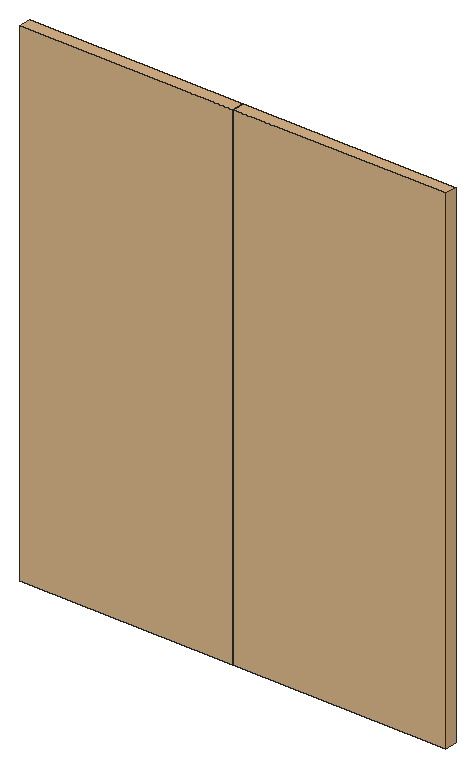
Revit family "0009_M_DR_W_double-flush_no trim", category 문, Revit 2026
Family settings
  호스트 = 벽
  항상 수직 = 예
  로드될 때 보이드를 사용하여 절단 = 아니오
  공유 = 아니오
  룸 계산 점 = 아니오
Parameters (values of type "72" x 84"")
  두께 = 0' - 2"
  조합 코드 = "C1020"
  기능 = 내부
  Door Material = Door - Panel
  Frame Material = Door - Frame
  Height = 7' - 0"
  벽 마무리 = 호스트별
  Width = 6' - 0"
Types (6): name | 두께 | 조합 코드 | Height | Width
  72" x 78" | 0' - 2" | "C1020" | 6' - 6" | 6' - 0"
  72" x 82" | 0' - 2" | "C1020" | 6' - 10" | 6' - 0"
  68" x 84" | 0' - 2" | "C1020" | 7' - 0" | 5' - 8"
  68" x 80" | 0' - 2" | "C1020" | 6' - 8" | 5' - 8"
  72" x 84" | 0' - 2" | "C1020" | 7' - 0" | 6' - 0"
  1830 x 2134mm | 0' - 1.9685" | 0' - 0" | 7' - 0.01575" | 6' - 0.04724"
Reference planes (in)
  plane 1: y = 0
  plane 2: z = 0
  plane 3 "Center": x = 0
  plane 4 "Left": x = -36
  plane 5 "Right": x = 36
  plane 6 "Top": z = 84
  plane 7: y = 3
Forms (in)
  Extrusion 1, solid, material "Door - Panel" <- "Door Material"
    sketch origin (-60, 3, 0) x (-1, 0, 0) y (0, 0, 1)
      loop
        line (-60, 84) -> (-60, 0) -> (-24, 0) -> (-24, 84) -> (-60, 84)
    from 0 to -2
  Extrusion 2, solid, material "Door - Panel" <- "Door Material"
    sketch origin (0, 0, 0) x (-1, 0, 0) y (0, 0, 1)
      loop
        line (-36, 84) -> (-36, 0) -> (0, 0) -> (0, 84) -> (-36, 84)
    from 1 to 3
Lines and regions (in)
  Opening 1
    outline origin (-90, -3, 0) x (1, 0, 0) y (0, 0, 1)
      loop
        line (54, 0) -> (126, 0) -> (126, 84) -> (54, 84) -> (54, 0)
  symbolic lines, style "Elevation Swing"
    curve 1: line (0, 3, 0) -> (-36, 3, 42)
    curve 2: line (-36, 3, 42) -> (0, 3, 84)
    curve 12: line (0, 3, 84) -> (35.99248, 3, 42)
    curve 13: line (-0.01285, 3, -0.01392) -> (35.99248, 3, 42)
    curve 14: line (0, -3, 84) -> (36, -3, 42)
    curve 15: line (0, -3, 0) -> (36, -3, 42)
    curve 16: line (0, -3, 84) -> (-36, -3, 42)
    curve 17: line (0, -3, 0) -> (-36, -3, 42)
  symbolic lines, style "Plan Swing"
    curve 3: arc (0, 3, 0) -> (-10.54416, 28.45584, 0) -> (-36, 39, 0) r 36
    curve 4: arc (0, 3, 0) -> (10.54416, 28.45584, 0) -> (36, 39, 0) r 36
  symbolic lines, style "DoorsPanelProjection"
    curve 5: line (-36, 3, 0) -> (-34, 3, 0)
    curve 6: line (-36, 3, 0) -> (-36, 39, 0)
    curve 7: line (-36, 39, 0) -> (-34, 39, 0)
    curve 8: line (-34, 3, 0) -> (-34, 39, 0)
    curve 9: line (36, 3, 0) -> (34, 3, 0)
    curve 10: line (36, 3, 0) -> (36, 39, 0)
    curve 11: line (34, 3, 0) -> (34, 38.9444, 0)
Text (in)
  text "Exterior" at (-58.67754, 39.5847, 0), in view "Floor Line"
  text "Interior" at (-58.34764, -27.11922, 0), in view "Floor Line"
  text "Exterior" at (0, 40.15149, 123.01588), in view "Right"
  text "Interior" at (0, -64.39139, 123.01588), in view "Right"
  text "Interior" at (0, -27.50358, 116.57024), in view "Left"
  text "Exterior" at (0, 54.57065, 116.57024), in view "Left"
Dimensions and locks (in)
  "Height": plane 2 to plane 6 "Top"
  equal spacing: host wall, curve 2, plane 6 "Top"
  "두께": curve 8 to curve 6
  "두께": curve 10 to curve 11
  equal spacing: host wall, curve 13, plane 6 "Top"
  "두께": Extrusion 1 to host wall
  "Width": plane 4 "Left" to plane 5 "Right"
  equal spacing: plane 4 "Left", plane 3 "Center", plane 5 "Right"
  aligned and locked: plane 4 "Left" to Opening 1 sketch curve
  aligned and locked: plane 6 "Top" to Opening 1 sketch curve  (x2)
  aligned and locked: Opening 1 sketch curve to plane 5 "Right"
  aligned and locked: Opening 1 sketch curve to level
  aligned and locked: curve 5 to host wall
  aligned and locked: host wall to curve 9
  aligned and locked: host wall to curve 3
  aligned and locked: host wall to curve 4
  aligned and locked: plane 7 to host wall
  aligned and locked: Extrusion 2 to Extrusion 1  (x2)
Automatic sketch dimensions
  curve 3 to plane 4 "Left" = 0' - 0"
  curve 4 to plane 3 "Center" = 0' - 0"
  curve 4 to plane 5 "Right" = 0' - 0"
  Extrusion 1 sketch curve to level = 0' - 0"
  Extrusion 1 sketch curve to plane 4 "Left" = 0' - 0"
  Extrusion 1 sketch curve to plane 6 "Top" = 0' - 0"
  curve 3 to plane 3 "Center" = 0' - 0"
  curve 14 to plane 3 "Center" = 0' - 0"
  curve 14 to plane 6 "Top" = 0' - 0"
  curve 2 to plane 3 "Center" = 0' - 0"
  curve 2 to plane 6 "Top" = 0' - 0"
  curve 12 to plane 3 "Center" = 0' - 0"
  curve 12 to plane 6 "Top" = 0' - 0"
  curve 14 to plane 5 "Right" = 0' - 0"
  curve 16 to plane 4 "Left" = 0' - 0"
  curve 17 to level = 0' - 0"
  curve 1 to level = 0' - 0"
  curve 14 to curve 13 = 0' - 0"
  curve 16 to curve 1 = 0' - 0"
  curve 13 to level = 0' - 0.01392"
  curve 1 to plane 4 "Left" = 0' - 0"
  curve 1 to plane 3 "Center" = 0' - 0"
  curve 13 to plane 3 "Center" = 0' - 0.01285"
  plane 5 "Right" to curve 13 = 0' - 0.00752"
  curve 15 to plane 3 "Center" = 0' - 0"
  Extrusion 1 sketch curve to plane 3 "Center" = 0' - 0"
  Extrusion 2 sketch curve to level = 0' - 0"
  Extrusion 2 sketch curve to plane 5 "Right" = 0' - 0"
  Extrusion 2 sketch curve to plane 3 "Center" = 0' - 0"
  Extrusion 2 sketch curve to plane 6 "Top" = 0' - 0"
